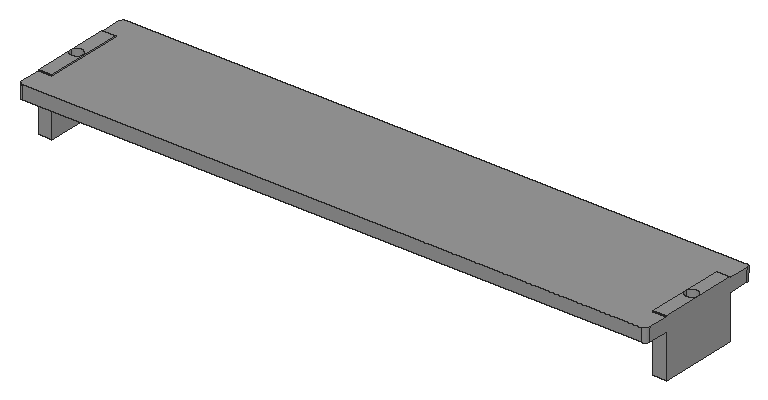
Revit family "Building-ContenitoriParete-GEWISS-46-PANNELLI_CIECHI_1M", category Attrezzatura elettrica, Revit 2016
Family settings
  Configurazione quadro = Due colonne, circuiti in orizzontale
  Tipo di parte = Pannello comandi
  Quota connettore circolare = Usa diametro
  Numero OmniClass = 23.80.30.11.17
  Titolo OmniClass = Distribution Boards and Control Panels
  Basato su piano di lavoro = Sì
  Sempre verticale = No
  Taglio con vuoti quando caricato = No
  Condiviso = No
  Punto di calcolo locali = Sì
Parameters (values of type "GW46429F - PANNELLO CIECO H1 800MM F&E")
  Versione file RFA = "18.0"
  URL = "https://www.gewiss.com/it/it"
  Scheda Tecnica = "https://www.gewiss.com/it/it/search?q=GW46429F"
  SEO = "Pannello"
  Default Elevation = 1219.2 mm
  Profondità pannello = 66 mm  # constant formula
  Produttore = "GEWISS S.p.A."
  Per quadri base (mm) = "800"
  Pannello = GEWISS - GRIGIO RAL 7035
  Offset pannello [instance] = 545 mm
  Montaggio = "Rapido Fast & Easy"
  Modello = "GW46429F"
  Lunghezza pannello = 718 mm
  Spessore pannello = 15 mm
  Immagine tipo = GW10015154.jpg
  IFC.TypeObject = ""
  IFC.ExportType = ""
  IFC.ExportAs = ""
  IDT = "e3b29c8d-f8e5-4afa-9503-9cc77dfe000c"
  IDF = "ea37f884-e4dd-40e9-b5a8-68e8d4d8d3d2"
  H_pannello = 149 mm  # constant formula
  H_da terra [instance] = 125.723 mm
  GEWISS SCHEDA TECNICA = "http://pro.gewiss.com/irj/portal/?NavigationTarget=pcd:portal_content/com.gewiss.ZPPFDMain/com.gewiss.ZPPFDITMain/com.gewiss.ZPPFDITMainDefault/com.gewiss.ZPPFDITPages/com.gewiss.ZPPFDITPagesAP/com.gewiss.ZPPFDITPagesAPCatalogo/com.gewiss.ZPPPDITAPProductDetail&codProd=GW46429F"
  Dotazioni = "Accessori di fissaggio"
  Descrizione = "PANNELLO CIECO H1 800MM F&E"
  Creato da GEWISS S.p.A. = ""
  Colore = "Grigio RAL 7035"
  Codice Electrocod = "0303"
  Codice EAN = "8011564283909"
  Catalogo Serie = "46 QP"
  Catalogo = "BUILDING"
  Caratteristiche = "Halogen free"
  COBie.Tagnumber = ""
  COBie.CreatedOn = ""
  COBie.CreatebBy = ""
  COBie.ComponentRegisterItemID = ""
  COBie.Component.TagNumber = ""
  COBie.Component.Space = ""
  COBie.Component.SerialNumber = ""
  COBie.Component.InstallationDate = ""
  COBie.Component.Description = ""
  COBie.Component.BarCode = ""
  Altezza = "1 Modulo"
  Adatto per: = "46QP - 46QM - 46QX"
Types (5, lengths in mm): name | Scheda Tecnica | Per quadri base (mm) | Offset pannello | Modello | Lunghezza pannello | IDT | GEWISS SCHEDA TECNICA | Descrizione | Codice EAN
  GW46425F - PANNELLO CIECO H1 310MM F&E | "https://www.gewiss.com/it/it/search?q=GW46425F" | "310" | 200 | "GW46425F" | 265 | "4ca25e6f-51a7-43ef-a670-5c980ab45080" | "http://pro.gewiss.com/irj/portal/?NavigationTarget=pcd:portal_content/com.gewiss.ZPPFDMain/com.gewiss.ZPPFDITMain/com.gewiss.ZPPFDITMainDefault/com.gewiss.ZPPFDITPages/com.gewiss.ZPPFDITPagesAP/com.gewiss.ZPPFDITPagesAPCatalogo/com.gewiss.ZPPPDITAPProductDetail&codProd=GW46425F" | "PANNELLO CIECO H1 310MM F&E" | "8011564283862"
  GW46426F - PANNELLO CIECO H1 405MM F&E | "https://www.gewiss.com/it/it/search?q=GW46426F" | "405" | 545 | "GW46426F" | 358 | "b761b281-c045-415c-9c05-25d423966bed" | "http://pro.gewiss.com/irj/portal/?NavigationTarget=pcd:portal_content/com.gewiss.ZPPFDMain/com.gewiss.ZPPFDITMain/com.gewiss.ZPPFDITMainDefault/com.gewiss.ZPPFDITPages/com.gewiss.ZPPFDITPagesAP/com.gewiss.ZPPFDITPagesAPCatalogo/com.gewiss.ZPPPDITAPProductDetail&codProd=GW46426F" | "PANNELLO CIECO H1 405MM F&E" | "8011564283879"
  GW46427F - PANNELLO CIECO H1 515MM F&E | "https://www.gewiss.com/it/it/search?q=GW46427F" | "515" | 545 | "GW46427F" | 466 | "038f8510-3666-45d7-b995-81bc5543ddeb" | "http://pro.gewiss.com/irj/portal/?NavigationTarget=pcd:portal_content/com.gewiss.ZPPFDMain/com.gewiss.ZPPFDITMain/com.gewiss.ZPPFDITMainDefault/com.gewiss.ZPPFDITPages/com.gewiss.ZPPFDITPagesAP/com.gewiss.ZPPFDITPagesAPCatalogo/com.gewiss.ZPPPDITAPProductDetail&codProd=GW46427F" | "PANNELLO CIECO H1 515MM F&E" | "8011564283886"
  GW46428F - PANNELLO CIECO H1 585MM F&E | "https://www.gewiss.com/it/it/search?q=GW46428F" | "585" | 545 | "GW46428F" | 538 | "ad39cb94-79bb-4cfe-acad-1c33626a3c36" | "http://pro.gewiss.com/irj/portal/?NavigationTarget=pcd:portal_content/com.gewiss.ZPPFDMain/com.gewiss.ZPPFDITMain/com.gewiss.ZPPFDITMainDefault/com.gewiss.ZPPFDITPages/com.gewiss.ZPPFDITPagesAP/com.gewiss.ZPPFDITPagesAPCatalogo/com.gewiss.ZPPPDITAPProductDetail&codProd=GW46428F" | "PANNELLO CIECO H1 585MM F&E" | "8011564283893"
  GW46429F - PANNELLO CIECO H1 800MM F&E | "https://www.gewiss.com/it/it/search?q=GW46429F" | "800" | 545 | "GW46429F" | 718 | "e3b29c8d-f8e5-4afa-9503-9cc77dfe000c" | "http://pro.gewiss.com/irj/portal/?NavigationTarget=pcd:portal_content/com.gewiss.ZPPFDMain/com.gewiss.ZPPFDITMain/com.gewiss.ZPPFDITMainDefault/com.gewiss.ZPPFDITPages/com.gewiss.ZPPFDITPagesAP/com.gewiss.ZPPFDITPagesAPCatalogo/com.gewiss.ZPPPDITAPProductDetail&codProd=GW46429F" | "PANNELLO CIECO H1 800MM F&E" | "8011564283909"
Reference planes
  plane 1 "Centro (Fronte/Retro)": z = 537.5
  plane 2 "1": z = 479
  plane 3 "Centro (Sinistra/Destra)": x = 0
  plane 4: x = -359
  plane 5: x = 359
  plane 6: y = 132
  plane 7: y = -17
  plane 8: y = 57.5
  plane 9: y = 12
  plane 10: y = 103
  plane 11 "11": z = 545
Forms (mm)
  Extrusion 1, solid, material "GEWISS - GRIGIO RAL 7035" <- "Pannello"
    sketch origin (0, 0, 545) x (1, 0, 0) y (0, 1, 0)
      loop
        arc (-354, 132) -> (-357.536, 130.536) -> (-359, 127) r 5
        line (-359, 127) -> (-359, -12)
        arc (-359, -12) -> (-357.536, -15.536) -> (-354, -17) r 5
        line (-354, -17) -> (354, -17)
        arc (354, -17) -> (357.536, -15.536) -> (359, -12) r 5
        line (359, -12) -> (359, 127)
        arc (359, 127) -> (357.536, 130.536) -> (354, 132) r 5
        line (354, 132) -> (-354, 132)
    from -16 to -1
  Extrusion 2, solid, material "GEWISS - GRIGIO RAL 7035" <- "Pannello"
    sketch origin (0, 0, 545) x (1, 0, 0) y (0, 1, 0)
      loop
        line (-359, 103) -> (-359, 12) -> (-343.121, 12) -> (-343.121, 103) -> (-359, 103)
    from -66 to 0
  Extrusion 3, solid, material "GEWISS - GRIGIO RAL 7035" <- "Pannello"
    sketch origin (0, 0, 545) x (1, 0, 0) y (0, 1, 0)
      loop
        line (359, 103) -> (343.121, 103) -> (343.121, 12) -> (359, 12) -> (359, 103)
    from -66 to 0
  Extrusion 4, void
    sketch origin (0, 0, 545) x (1, 0, 0) y (0, 1, 0)
      loop
        circle (351.421, 57.5) r 7.361
    from -66 to 0
  Extrusion 5, void
    sketch origin (0, 0, 545) x (1, 0, 0) y (0, 1, 0)
      loop
        circle (-351.421, 57.5) r 7.361
    from -66 to 8.5
Cuts and joins
  Extrusion 4, Extrusion 5 cuts Extrusion 1
  Extrusion 4, Extrusion 5 cuts Extrusion 2
  Extrusion 4, Extrusion 5 cuts Extrusion 3
  joined: Extrusion 1, Extrusion 2, Extrusion 3
Dimensions and locks
  equal spacing: plane 4, plane 3 "Centro (Sinistra/Destra)", plane 5
  "Lunghezza pannello": plane 4 to plane 5
  locked: Extrusion 2 sketch curve to plane 4 at 15.879
  locked: plane 5 to Extrusion 4 sketch curve at 7.579
  plane 6 to plane 10 to plane 9 to plane 7 = 29 mm, 91 mm, 29 mm
  "Offset pannello": plane 11 "11" to level
  locked: plane 11 "11" to plane 2 "1" at 66
  locked: cut or joined group of Extrusion 1, Extrusion 2, Extrusion 3, Extrusion 4, Extrusion 5 to cut or joined group of Extrusion 1, Extrusion 2, Extrusion 3, Extrusion 4, Extrusion 5 at 15
  aligned and locked: plane 4 to Extrusion 1 sketch curve
  aligned and locked: Extrusion 1 sketch curve to plane 5
  aligned and locked: Extrusion 1 sketch curve to plane 6
  aligned and locked: plane 7 to Extrusion 1 sketch curve
  aligned and locked: plane 4 to Extrusion 2 sketch curve
  aligned and locked: plane 9 to Extrusion 2 sketch curve
  aligned and locked: Extrusion 2 sketch curve to plane 10
  aligned and locked: plane 5 to Extrusion 3
  aligned and locked: Extrusion 3 to plane 11 "11"
  aligned and locked: plane 8 to Extrusion 4 sketch curve
  aligned and locked: Extrusion 4 to Extrusion 3
  aligned and locked: cut or joined group of Extrusion 1, Extrusion 2, Extrusion 3, Extrusion 4, Extrusion 5 to plane 2 "1"  (x4)
  aligned and locked: plane 11 "11" to cut or joined group of Extrusion 1, Extrusion 2, Extrusion 3, Extrusion 4, Extrusion 5
Automatic sketch dimensions
  plane 4 to Extrusion 1 sketch curve = 5 mm  (x2)
  Extrusion 1 sketch curve to Extrusion 1 sketch curve = 5 mm  (x2)
  plane 10 to Extrusion 3 sketch curve = 0 mm
  plane 9 to Extrusion 3 sketch curve = 0 mm
  Extrusion 3 sketch curve to plane 5 = 0 mm
  Extrusion 3 sketch curve to plane 5 = 15.879 mm
  Extrusion 5 sketch curve to plane 8 = 0 mm
  plane 4 to Extrusion 5 sketch curve = 7.579 mm
  radius of Extrusion 4 sketch curve = 7.361 mm
  radius of Extrusion 5 sketch curve = 7.361 mm
